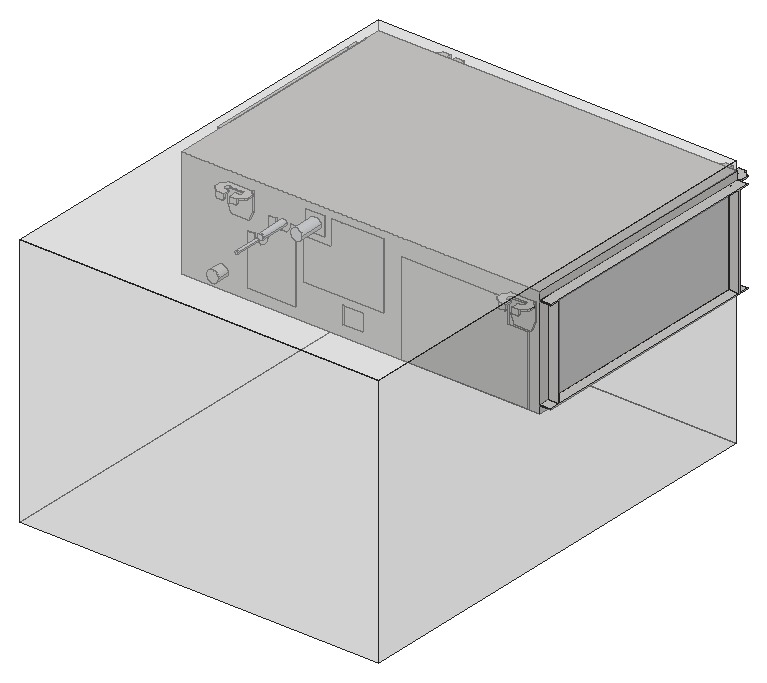
Revit family "outputfile", category 機械設備, Revit 2024
Family settings
  丸型コネクタ寸法 = 半径を使用
  パーツ タイプ = 標準
  OmniClass 番号 = 23.75.10.24.21.27.27
  OmniClass タイトル = Split System Air Conditioning Units
  作業面ベース = いいえ
  常に垂直 = はい
  ロード時にボイドで切り取り = いいえ
  注釈の向きを維持 = いいえ
  共有 = いいえ
  部屋計算ポイント = はい
Parameters (values of type "FXSQ25PAVE9")
  Description = ""
  製造元 = "Daikin"
  書き出し IFC クラス(タイプ) = "IfcUnitaryEquipmentType"
  定義済み IFC タイプ(タイプ) = "AIRCONDITIONINGUNIT"
  Cost = 0
  モデル = "FXSQ25PAVE9"
  Type Comments = ""
  Keynote = ""
  Type Image = (empty or 0)
  Assembly Code = ""
  r_Liquid Pipe Size = Liquid Pipe Size / 2  # 3.2 mm
  r_Gas Pipe Size = Gas Pipe Size / 2  # 6.35 mm
  r_Drain Pipe Size = Drain Pipe Size / 2  # 12.5 mm
  lw_power = 770.0 mm  # constant formula
  lh_SA = 138.0 mm  # constant formula
  lw_SA = if(Depth = 550.0 mm, 225.0 mm, if(Depth = 700.0 mm, 300.0 mm, if(Depth = 1000.0 mm, 450.0 mm, if(Depth = 1400.0 mm, 650.0 mm, 725.0 mm))))  # 225.0 mm
  lw_RA = if(Depth = 550.0 mm, 275.0 mm, if(Depth = 700.0 mm, 349.0 mm, if(Depth = 1000.0 mm, 499.0 mm, if(Depth = 1400.0 mm, 699.0 mm, 775.0 mm))))  # 275.0 mm
  lh_power = 60.0 mm + [h***]  # 60.0 mm
  lh_mountinghole1 = lh_mountinghole + [h***]  # 222.0 mm
  lh_RA = 123.0 mm  # constant formula
  ld_power = Depth / 2  # 275.0 mm
  Voltage_comment_60Hz = "220"
  Voltage_comment_50Hz = "220-240"
  Voltage_60Hz = 220 V
  Voltage_50Hz = 220 V
  URL = ""
  Supply Air Direction [instance] = yes
  Sound Power Level_H speed (dB) = 61
  Phase_60Hz = 1
  Phase_50Hz = 1
  Minimum External Static Pressure = 30.00 Pa
  Minimum Circuit Amps_60Hz = 0.8 A
  Minimum Circuit Amps_50Hz = 0.8 A
  Maximum Fuse Amps_60Hz = 16.0 A
  Maximum Fuse Amps_50Hz = 16.0 A
  Maximum External Static Pressure = 150.00 Pa
  Material_Casing = DAIKIN_GalvanizedSteel_Casing_indoorunit
  lw_mountinghole = 630.0 mm  # constant formula
  lh_gaspipe = 183.0 mm + [h***]  # 183.0 mm
  lh_mountinghole = 222.0 mm  # constant formula
  lh_liquidpipe = 136.0 mm + [h***]  # 136.0 mm
  lh_drainpipe = 207.0 mm + [h***]  # 207.0 mm
  lh_antena = Height - lh_mountinghole + 1.0 mm  # 24.0 mm
  ld_drainpipe = Depth / 2 + 53.0 mm  # 328.0 mm
  ld_liquidpipe = Depth / 2 + 69.0 mm  # 344.0 mm
  ld_gaspipe = Depth / 2 + 65.0 mm  # 340.0 mm
  ld_mountinghole = Depth + 38.0 mm  # 588.0 mm
  h*** = 0.0 mm  # constant formula
  lw_liquidpipe = 179.0 mm  # constant formula
  lw_gaspipe = 229.0 mm  # constant formula
  lw_drainpipe = 300.0 mm  # constant formula
  Width = 800.0 mm
  Version = "ver.1.0"
  Unit Type = "Middle Static Pressure Duct Type"
  Unit Mass Weight = 25.00 kg
  Unit Designation [instance] = ""
  Uniclass2015Version = "Products v1.30"
  Uniclass2015Title = "Variable refrigerant flow units"
  Uniclass2015Code = "Pr_70_65_03_94"
  Total Heating Capacity [instance] = 0.000 kW
  Total Cooling Capacity [instance] = 0.000 kW
  Sound Pressure Level_M speed (dBA) = 0
  Sound Pressure Level_L speed (dBA) = 28
  Sound Pressure Level_H speed (dBA) = 33
  Series = "VRV Fan Coil Unit"
  Sensible Cooling Capacity [instance] = 0.000 kW
  SA Duct Size Width = if(Depth = 550.0 mm, 337.0 mm, if(Depth = 700.0 mm, 492.0 mm, if(Depth = 1000.0 mm, 792.0 mm, if(Depth = 1400.0 mm, 1192.0 mm, 1337.0 mm))))  # 337.0 mm
  SA Duct Size Height = 176.0 mm
  Refrigerant Type = "R410A"
  RA Duct Size Width = if(Depth = 550.0 mm, 502.0 mm, if(Depth = 700.0 mm, 654.0 mm, if(Depth = 1000.0 mm, 952.0 mm, if(Depth = 1400.0 mm, 1352.0 mm, 1502.0 mm))))  # 502.0 mm
  RA Duct Size Height = 208.0 mm
  Power Input (Heating) = 0.099 kW
  Power Input (Cooling) = 0.104 kW
  Option Accessory 3 [instance] = ""
  Option Accessory 2 [instance] = ""
  Option Accessory 1 [instance] = ""
  Nominal Heating Capacity = 3.200 kW
  Nominal Cooling Capacity = 2.800 kW
  Minimum Airflow = 390.00 m³/h
  Median Airflow = 450.00 m³/h
  Maximum Airflow = 540.00 m³/h
  Load Classification = HVAC
  Liquid Pipe Size = 6.4 mm
  Link_Nested Family [instance] = ""
  IfcVersion = "0"
  IfcExportType = "AIRCONDITIONINGUNIT"
  IfcExportAs = "IfcUnitaryEquipmentType"
  Height = 245.0 mm
  Heating Entering Wet Bulb Temperature [instance] = 0.00 °C
  Heating Entering Dry Bulb Temperature [instance] = 0.00 °C
  Heating Ambient Wet Bulb Temperature [instance] = 0.00 °C
  Heating Ambient Dry Bulb Temperature [instance] = 0.00 °C
  Heat Exchanger Type = "Cross Fin Coil"
  Gas Pipe Size = 12.7 mm
  Frequency_60Hz = 60 Hz
  Frequency_50Hz = 50 Hz
  Fan Type = "Sirocco Fan"
  Fan Drive = "Direct Drive"
  FCU Tag No. [instance] = ""
  Drain Pipe Size = 25.0 mm
  Design Supply Airflow [instance] = 0.00 m³/h
  Design Return Airflow [instance] = 0.00 m³/h
  Design External Static Pressure [instance] = 0.00 Pa
  Depth = 550.0 mm
  既定の高さ = 0.0 mm
  Cooling Entering Wet Bulb Temperature [instance] = 0.00 °C
  Cooling Entering Dry Bulb Temperature [instance] = 0.00 °C
  Cooling Ambient Wet Bulb Temperature [instance] = 0.00 °C
  Cooling Ambient Dry Bulb Temperature [instance] = 0.00 °C
  Clearance visibility [instance] = yes
  Clearance Top = 20.0 mm
  Clearance Right = 0.0 mm
  Clearance Rear = 0.0 mm
  Clearance Left = 0.0 mm
  Clearance Front = 450.0 mm
  Clearance Bottom = 300.0 mm
Reference planes
  plane 1 "Center (Front/Back)": y = 0
  plane 2 "h": z = 0
  plane 3 "Center (Left/Right)": x = 0
  plane 4 "Back": y = 275
  plane 5 "Front": y = -275
  plane 6 "Left": x = -400
  plane 7 "Reight": x = 400
  plane 8 "Top": z = 0
  plane 9 "Bottom": z = -245
  plane 10: y = -215
  plane 11: y = 275
  plane 12: y = -725
  plane 13: x = -400
  plane 14: x = 400
  plane 15: z = 20
  plane 16: z = -545
  plane 17: x = -400
  plane 18: x = -399
  plane 19: x = 399
  plane 20: y = 50
  plane 21: y = 0
  plane 22: z = -122
  plane 23: y = -276
  plane 24: z = -109
  plane 25: x = -221
  plane 26: y = -340
  plane 27: z = -62
  plane 28: x = -171
  plane 29: y = -328
  plane 30: z = -38
  plane 31: x = -100
  plane 32: x = -100
  plane 33: x = -221
  plane 34: x = -171
  plane 35: x = 370
  plane 36: x = -266
  plane 37: x = 364
  plane 38: y = -294
  plane 39: y = 294
  plane 40: z = -23
  plane 41: z = -107
  plane 42: y = -344
  plane 43: z = -207
  plane 44: x = -309
  plane 45: y = -301
  plane 46: x = -251
  plane 47: x = -203
  plane 48: x = -144
  plane 49: z = -59
  plane 50: z = -106
  plane 51: z = -221
  plane 52: z = -109
  plane 53: x = -221
  plane 54: z = -62
  plane 55: x = -171
  plane 56: z = -17
  plane 57: z = -59
  plane 58: x = -121
  plane 59: x = -79
  plane 60: x = -125
  plane 61: x = -64
  plane 62: x = 53
  plane 63: z = -164
  plane 64: z = -73
  plane 65: z = -16
  plane 66: x = 93.5
  plane 67: x = 374.5
  plane 68: x = 330
  plane 69: z = -88.5
  plane 70: z = -38
  plane 71: z = -242.5
  plane 72: x = -38.5
  plane 73: x = 6.5
  plane 74: z = -181
  plane 75: z = -221
  plane 76: y = -274
  plane 77: x = -424
  plane 78: x = 424
Forms (mm)
  Extrusion 1, solid, material "DAIKIN_GalvanizedSteel_Casing_indoorunit" <- "Material_Casing"
    sketch origin (0, 0, 0) x (1, 0, 0) y (0, 1, 0)
      loop
        line (-399, 275) -> (-399, -275) -> (399, -275) -> (399, 275) -> (-399, 275)
    from -245 to 0
  Extrusion 2, solid, material "DAIKIN_GalvanizedSteel_Casing_indoorunit" <- "Material_Casing"
    sketch origin (0, 0, 0) x (1, 0, 0) y (0, 0, 1)
      loop
        line (-251, -221) -> (-144, -221) -> (-144, -59) -> (-154.47, -59)
        arc (-154.47, -59) -> (-171, -78.8) -> (-187.53, -59) r 16.8
        line (-187.53, -59) -> (-203, -59) -> (-203, -106) -> (-206.916, -106)
        arc (-206.916, -106) -> (-221, -123.4) -> (-235.084, -106) r 14.4
        line (-235.084, -106) -> (-251, -106) -> (-251, -221)
    from 275 to 276
  Extrusion 3, solid, material "DAIKIN_GalvanizedSteel_Casing_indoorunit" <- "Material_Casing"
    sketch origin (0, 0, 0) x (1, 0, 0) y (0, 0, 1)
      loop
        line (-121, -17) -> (-121, -59) -> (-79, -59) -> (-79, -17) -> (-121, -17)
      loop
        line (-125, -73) -> (-125, -164) -> (53, -164) -> (53, -16) -> (-64, -16) -> (-64, -73) -> (-125, -73)
    from 275 to 276
  Extrusion 4, solid, material "DAIKIN_GalvanizedSteel_Casing_indoorunit" <- "Material_Casing"
    sketch origin (0, 0, 0) x (1, 0, 0) y (0, 0, 1)
      loop
        line (93.5, -38) -> (93.5, -242.5) -> (374.5, -242.5) -> (374.5, -88.5) -> (330, -88.5) -> (330, -38) -> (93.5, -38)
    from 275 to 276
  Extrusion 5, solid
    sketch origin (0, 0, 0) x (1, 0, 0) y (0, 0, 1)
      loop
        circle (-221, -109) r 3.2
    from 275 to 344
  Extrusion 6, solid
    sketch origin (0, 0, 0) x (1, 0, 0) y (0, 0, 1)
      loop
        circle (-171, -62) r 6.35
    from 275 to 340
  Extrusion 7, solid
    sketch origin (0, 0, 0) x (1, 0, 0) y (0, 0, 1)
      loop
        circle (-100, -38) r 12.5
    from 276 to 328
  Extrusion 8, solid, material "DAIKIN_GalvanizedSteel_Casing_indoorunit" <- "Material_Casing"
    sketch origin (0, 0, 0) x (1, 0, 0) y (0, 0, 1)
      loop
        circle (-309, -207) r 13
    from 275 to 301
  Extrusion 9, void
    sketch origin (0, 0, 0) x (1, 0, 0) y (0, 0, 1)
      loop
        line (-38.5, -181) -> (-38.5, -221) -> (6.5, -221) -> (6.5, -181) -> (-38.5, -181)
    from 274 to 275
Cuts and joins
  Extrusion 9 cuts Extrusion 1
Dimensions and locks
  "Height": plane 8 "Top" to plane 9 "Bottom"
  equal spacing: plane 4 "Back", plane 1 "Center (Front/Back)", plane 5 "Front"
  "Depth": plane 4 "Back" to plane 5 "Front"
  equal spacing: plane 6 "Left", plane 3 "Center (Left/Right)", plane 7 "Reight"
  "Width": plane 6 "Left" to plane 7 "Reight"
  "Clearance Left": plane 13 to plane 6 "Left"
  "Clearance Right": plane 7 "Reight" to plane 14
  "Clearance Rear": plane 11 to plane 4 "Back"
  "Clearance Front": plane 5 "Front" to plane 12
  "Clearance Top": plane 15 to plane 8 "Top"
  "Clearance Bottom": plane 9 "Bottom" to plane 16
  locked: plane 17 to plane 18 at 1
  locked: plane 19 to plane 14 at 1
  "lw_SA": plane 11 to plane 20
  "lw_RA": plane 21 to plane 5 "Front"
  "lh_RA": plane 22 to plane 9 "Bottom"
  locked: plane 5 "Front" to plane 23 at 1
  "lw_liquidpipe": plane 25 to plane 6 "Left"
  "lh_liquidpipe": plane 24 to plane 9 "Bottom"
  "lh_gaspipe": plane 27 to plane 9 "Bottom"
  "lw_gaspipe": plane 28 to plane 6 "Left"
  "ld_gaspipe": plane 26 to plane 1 "Center (Front/Back)"
  "ld_drainpipe": plane 29 to plane 1 "Center (Front/Back)"
  "lh_drainpipe": plane 30 to plane 9 "Bottom"
  "lw_drainpipe": plane 31 to plane 6 "Left"
  "lw_drainpipe": plane 6 "Left" to plane 32
  "lw_liquidpipe": plane 6 "Left" to plane 33
  "lw_gaspipe": plane 6 "Left" to plane 34
  "lw_power": plane 6 "Left" to plane 35
  locked: plane 17 to plane 36 at 134
  "lw_mountinghole": plane 36 to plane 37
  equal spacing: plane 38, plane 1 "Center (Front/Back)", plane 39
  "ld_mountinghole": plane 39 to plane 38
  "lh_mountinghole": plane 40 to plane 9 "Bottom"
  "lh_SA": plane 41 to plane 9 "Bottom"
  "ld_liquidpipe": plane 21 to plane 42
  locked: plane 44 to plane 6 "Left" at 91
  locked: plane 43 to plane 9 "Bottom" at 38
  locked: plane 5 "Front" to plane 45 at 26
  plane 48 to plane 47 to plane 46 to plane 6 "Left" = 59.0 mm, 48.0 mm, 149.0 mm
  plane 8 "Top" to plane 49 to plane 50 to plane 51 = 59.0 mm locked, 47.0 mm locked, 115.0 mm locked
  plane 55 to plane 53 to plane 6 "Left" = 50.0 mm locked, 179.0 mm locked
  plane 54 to plane 52 to plane 9 "Bottom" = 47.0 mm locked, 136.0 mm locked
  plane 59 to plane 58 to plane 6 "Left" = 42.0 mm locked, 279.0 mm locked
  plane 8 "Top" to plane 56 to plane 57 = 17.0 mm locked, 42.0 mm locked
  plane 62 to plane 61 to plane 60 to plane 6 "Left" = 117.0 mm, 61.0 mm, 275.0 mm
  plane 8 "Top" to plane 65 to plane 64 = 16.0 mm locked, 57.0 mm locked
  locked: plane 65 to plane 63 at 148
  plane 8 "Top" to plane 70 to plane 69 to plane 71 = 38.0 mm locked, 50.5 mm locked, 154.0 mm locked
  plane 67 to plane 68 to plane 66 to plane 6 "Left" = 44.5 mm locked, 236.5 mm locked, 493.5 mm locked
  plane 8 "Top" to plane 74 to plane 75 = 181.0 mm locked, 40.0 mm locked
  plane 73 to plane 72 to plane 6 "Left" = 45.0 mm, 361.5 mm
  locked: plane 76 to plane 5 "Front" at 1
  locked: plane 77 to plane 17 at 24
  locked: plane 14 to plane 78 at 24
  "r_Liquid Pipe Size": radius of Extrusion 5 sketch curve
  "r_Gas Pipe Size": radius of Extrusion 6 sketch curve
  "r_Drain Pipe Size": radius of Extrusion 7 sketch curve
  aligned and locked: level to plane 2 "h"
  aligned and locked: plane 8 "Top" to Extrusion 1
  aligned and locked: Extrusion 1 to plane 9 "Bottom"
  aligned and locked: nested 5 to plane 12
  aligned and locked: plane 13 to nested 5
  aligned and locked: plane 14 to nested 5
  aligned and locked: nested 5 to plane 13
  aligned and locked: plane 11 to nested 5
  aligned and locked: plane 15 to nested 5
  aligned and locked: plane 16 to nested 5
  aligned and locked: plane 5 "Front" to Extrusion 1 sketch curve
  aligned and locked: Extrusion 1 to plane 18
  aligned and locked: plane 19 to Extrusion 1
  aligned and locked: nested 7 to plane 18
  aligned and locked: nested 7 to plane 20
  aligned and locked: plane 19 to nested 8
  aligned and locked: plane 21 to nested 8
  aligned and locked: plane 22 to nested 8
  aligned and locked: Extrusion 2 to plane 23
  aligned and locked: plane 5 "Front" to Extrusion 2
  aligned and locked: Extrusion 3 to plane 23
  aligned and locked: plane 5 "Front" to Extrusion 3
  aligned and locked: plane 5 "Front" to Extrusion 4
  aligned and locked: Extrusion 5 sketch curve to plane 25
  aligned and locked: plane 24 to Extrusion 5 sketch curve
  aligned and locked: plane 5 "Front" to Extrusion 5
  aligned and locked: Extrusion 6 sketch curve to plane 28
  aligned and locked: plane 27 to Extrusion 6 sketch curve
  aligned and locked: plane 5 "Front" to Extrusion 6
  aligned and locked: Extrusion 7 sketch curve to plane 31
  aligned and locked: Extrusion 7 sketch curve to plane 30
  aligned and locked: Extrusion 7 to plane 29
  aligned and locked: plane 23 to Extrusion 7
  aligned and locked: nested 3 to plane 29
  aligned and locked: plane 32 to nested 3
  aligned and locked: nested 2 to plane 33
  aligned and locked: nested 1 to plane 34
  aligned and locked: Extrusion 6 to plane 26
  aligned and locked: nested 1 to plane 26
  aligned and locked: nested 6 to plane 5 "Front"
  aligned and locked: plane 35 to nested 6
  aligned and locked: plane 36 to nested 10
  aligned and locked: nested 10 to plane 5 "Front"
  aligned and locked: plane 37 to nested 9
  aligned and locked: nested 9 to plane 5 "Front"
  aligned and locked: nested 11 to plane 36
  aligned and locked: plane 4 "Back" to nested 11
  aligned and locked: nested 12 to plane 37
  aligned and locked: plane 4 "Back" to nested 12
  aligned and locked: plane 40 to nested 10
  aligned and locked: plane 40 to nested 11
  aligned and locked: plane 40 to nested 9
  aligned and locked: plane 40 to nested 12
  aligned and locked: plane 36 to nested 14
  aligned and locked: nested 14 to plane 39
  aligned and locked: plane 37 to nested 13
  aligned and locked: nested 13 to plane 39
  aligned and locked: plane 37 to nested 16
  aligned and locked: plane 38 to nested 16
  aligned and locked: plane 38 to nested 15
  aligned and locked: plane 36 to nested 15
  aligned and locked: plane 17 to plane 6 "Left"
  aligned and locked: plane 41 to nested 7
  aligned and locked: Extrusion 5 to plane 42
  aligned and locked: nested 2 to plane 42
  aligned and locked: Extrusion 8 sketch curve to plane 44
  aligned and locked: plane 43 to Extrusion 8 sketch curve
  aligned and locked: plane 5 "Front" to Extrusion 8
  aligned and locked: plane 45 to Extrusion 8
  aligned and locked: Extrusion 3 sketch curve to plane 56
  aligned and locked: Extrusion 3 sketch curve to plane 58
  aligned and locked: plane 57 to Extrusion 3 sketch curve
  aligned and locked: plane 59 to Extrusion 3 sketch curve
  aligned and locked: Extrusion 4 to plane 23
  aligned and locked: Extrusion 9 sketch curve to plane 74
  aligned and locked: plane 75 to Extrusion 9 sketch curve
  aligned and locked: plane 73 to Extrusion 9 sketch curve
  aligned and locked: plane 5 "Front" to Extrusion 9
  aligned and locked: plane 76 to Extrusion 9
  aligned and locked: nested 17 to plane 20
  aligned and locked: nested 17 to plane 77
  aligned and locked: plane 21 to nested 18
  aligned and locked: plane 78 to nested 18
  aligned and locked: plane 41 to nested 17
  aligned and locked: nested 18 to plane 22
  aligned and locked: nested 4 to plane 3 "Center (Left/Right)"
  aligned and locked: plane 1 "Center (Front/Back)" to nested 4
  aligned and locked: plane 8 "Top" to level
Automatic sketch dimensions
  plane 6 "Left" to Extrusion 1 sketch curve = 1.0 mm
  Extrusion 1 sketch curve to plane 7 "Reight" = 1.0 mm
  Extrusion 1 sketch curve to plane 4 "Back" = 0.0 mm
  Extrusion 2 sketch curve to plane 46 = 0.0 mm
  Extrusion 2 sketch curve to plane 33 = 0.0 mm
  Extrusion 2 sketch curve to plane 47 = 0.0 mm
  Extrusion 2 sketch curve to plane 34 = 0.0 mm
  Extrusion 2 sketch curve to plane 48 = 0.0 mm
  Extrusion 2 sketch curve to plane 51 = 0.0 mm
  Extrusion 2 sketch curve to plane 52 = 0.0 mm
  Extrusion 2 sketch curve to plane 50 = 0.0 mm  (x3)
  Extrusion 2 sketch curve to plane 54 = 0.0 mm
  Extrusion 2 sketch curve to plane 49 = 0.0 mm  (x3)
  plane 33 to Extrusion 2 sketch curve = 14.084 mm
  plane 34 to Extrusion 2 sketch curve = 16.53 mm
  Extrusion 3 sketch curve to plane 60 = 0.0 mm
  Extrusion 3 sketch curve to plane 61 = 0.0 mm
  Extrusion 3 sketch curve to plane 62 = 0.0 mm
  Extrusion 3 sketch curve to plane 63 = 0.0 mm
  Extrusion 3 sketch curve to plane 64 = 0.0 mm
  Extrusion 3 sketch curve to plane 65 = 0.0 mm
  Extrusion 4 sketch curve to plane 66 = 0.0 mm
  Extrusion 4 sketch curve to plane 68 = 0.0 mm
  Extrusion 4 sketch curve to plane 67 = 0.0 mm
  Extrusion 4 sketch curve to plane 71 = 0.0 mm
  Extrusion 4 sketch curve to plane 69 = 0.0 mm
  Extrusion 4 sketch curve to plane 70 = 0.0 mm
  Extrusion 9 sketch curve to plane 72 = 0.0 mm
  radius of Extrusion 8 sketch curve = 13.0 mm
Nested families
  nested 1: "daikin_connector_rotate2" at (-171, 0, -62), length <- "ld_gaspipe", built-in parameter 1001364 <- "lh_gaspipe", radius <- "r_Gas Pipe Size", type "daikin_connector_rotate2"
    with radius 6.35 mm, length 340.0 mm, angle_vertical 90.00°
  nested 2: "daikin_connector_rotate2" at (-221, 0, -109), length <- "ld_liquidpipe", built-in parameter 1001364 <- "lh_liquidpipe", radius <- "r_Liquid Pipe Size", type "daikin_connector_rotate2"
    with radius 3.2 mm, length 344.0 mm, angle_vertical 90.00°
  nested 3: "daikin_connector_rotate2" at (-100, 0, -38), length <- "ld_drainpipe", built-in parameter 1001364 <- "lh_drainpipe", radius <- "r_Drain Pipe Size", type "daikin_connector_rotate2"
    with radius 12.5 mm, length 328.0 mm, angle_vertical 90.00°
  nested 4: "daikin_△_symbolicline" at (0, 0, 245) x (0, -1, 0) z (0, 0, 1), built-in parameter 1001364 <- "Height", visible <- "Supply Air Direction", type "daikin_△_symbolicline"
    with length 200.0 mm
  nested 5: "daikin_clearancespace" at (0, -225, -262.381), visible <- "Clearance visibility", show <- "Clearance visibility", Link_Nested Family <- "Link_Nested Family", type "daikin_clearancespace"
    with width 800.0 mm, show yes, height 565.0 mm, depth 1000.0 mm, Link_Nested Family ""
  nested 6: "daikin_connector_rotate2" at (370, 0, -185), built-in parameter 1001364 <- "lh_power", length <- "ld_power", type "daikin_connector_rotate2"
    with radius 10.0 mm, length 275.0 mm, angle_vertical 90.00°
  nested 7: "daikin_ductflange_FXSQ-PAVE9_2" at (-399, 50, -107) x (0, -1, 0) z (0, 0, 1), type "daikin_ductflange_FXSQ-PAVE9_2"
  nested 8: "daikin_ductflange_FXSQ-PAVE9_1" at (399, 0, -122) x (0, 1, 0) z (0, 0, 1), type "daikin_ductflange_FXSQ-PAVE9_1"
  nested 9: "daikin_hangerfixture_FXSQ-PAVE9" at (364, -275, -23), type "daikin_hangerfixture_FXSQ-PAVE9"
  nested 10: "daikin_hangerfixture_FXSQ-PAVE9" at (-266, -275, -23), type "daikin_hangerfixture_FXSQ-PAVE9"
  nested 11: "daikin_hangerfixture_FXSQ-PAVE9" at (-266, 275, -23) x (-1, 0, 0) z (0, 0, 1), type "daikin_hangerfixture_FXSQ-PAVE9"
  nested 12: "daikin_hangerfixture_FXSQ-PAVE9" at (364, 275, -23) x (-1, 0, 0) z (0, 0, 1), type "daikin_hangerfixture_FXSQ-PAVE9"
  nested 13: "daikin_mountinghole" at (364, 294, -245), h_mountinghole <- "lh_mountinghole1", l_antenna <- "lh_antena", Link_Nested Family <- "Link_Nested Family", type "daikin_mountinghole"
    with show yes, l_antenna 24.0 mm, h_mountinghole 222.0 mm, Link_Nested Family ""
  nested 14: "daikin_mountinghole" at (-266, 294, -245), h_mountinghole <- "lh_mountinghole1", l_antenna <- "lh_antena", Link_Nested Family <- "Link_Nested Family", type "daikin_mountinghole"
    with show yes, l_antenna 24.0 mm, h_mountinghole 222.0 mm, Link_Nested Family ""
  nested 15: "daikin_mountinghole" at (-266, -294, -245), h_mountinghole <- "lh_mountinghole1", l_antenna <- "lh_antena", Link_Nested Family <- "Link_Nested Family", type "daikin_mountinghole"
    with show yes, l_antenna 24.0 mm, h_mountinghole 222.0 mm, Link_Nested Family ""
  nested 16: "daikin_mountinghole" at (364, -294, -245), h_mountinghole <- "lh_mountinghole1", l_antenna <- "lh_antena", Link_Nested Family <- "Link_Nested Family", type "daikin_mountinghole"
    with show yes, l_antenna 24.0 mm, h_mountinghole 222.0 mm, Link_Nested Family ""
  nested 17: "daikin_connector_rotate2" at (-400, 50, -107) x (0, -1, 0) z (0, 0, 1), type "daikin_connector_rotate2"
    with radius 10.0 mm, length 24.0 mm, angle_vertical 90.00°
  nested 18: "daikin_connector_rotate2" at (400, 0, -122) x (0, 1, 0) z (0, 0, 1), type "daikin_connector_rotate2"
    with radius 10.0 mm, length 24.0 mm, angle_vertical 90.00°
Connectors
  piping at (-100, -328, -38), diameter 25, driven by "r_Drain Pipe Size"
    settings: on nested 3, index 3, connector inside diameter 609.6 mm, connector length 0.0 mm, flow factor 0, pipe flow 0.00 m³/h, pressure drop 0.0 Pa, fitting loss kfactor 0, connector angle 0.00°, fixture units 0, engagement length 0.0 mm, angle of deflection 0.00°, flow configuration 1, flow direction 2, fitting loss method 4, system type 16, joint type 0, gender type 0, connector reference index -1, connector utility 0, adjustable connector no, is connector primary yes, connector description "Condensate Drain Piping"
  piping at (-171, -340, -62), diameter 12.7, driven by "r_Gas Pipe Size"
    settings: on nested 1, index 4, connector inside diameter 609.6 mm, connector length 0.0 mm, flow factor 0, pipe flow 0.00 m³/h, pressure drop 0.0 Pa, fitting loss kfactor 0, connector angle 0.00°, fixture units 0, engagement length 0.0 mm, angle of deflection 0.00°, flow configuration 1, flow direction 2, fitting loss method 0, system type 29, joint type 0, gender type 0, connector reference index -1, connector utility 0, adjustable connector no, is connector primary no, connector description "Refrigerant Gas Piping"
  piping at (-221, -344, -109), diameter 6.4, driven by "r_Liquid Pipe Size"
    settings: on nested 2, index 5, connector inside diameter 609.6 mm, connector length 0.0 mm, flow factor 0, pipe flow 0.00 m³/h, pressure drop 0.0 Pa, fitting loss kfactor 0, connector angle 0.00°, fixture units 0, engagement length 0.0 mm, angle of deflection 0.00°, flow configuration 1, flow direction 1, fitting loss method 0, system type 29, joint type 0, gender type 0, connector reference index -1, connector utility 0, adjustable connector no, is connector primary no, connector description "Refrigerant Liquid Piping"
  electrical at (370, -275, -185), driven by "Load Classification"
    settings: on nested 6, index 6, voltage 0 V, apparent load 0 VA, apparent load phase1 0 VA, apparent load phase2 0 VA, apparent load phase3 0 VA, power factor 1, load classification "HVAC", number of poles 1, system type 30, power factor state 1, is connector primary yes, connector utility no, sub classification motor no, connector description "Power Supply"
  hvac at (-424, 50, -107), driven by "SA Duct Size Height", driven by "SA Duct Size Width"
    settings: on nested 17, index 7, duct flow 0.00 m³/h, flow factor 0, pres drop 0.00 Pa, loss coef 0, conn angle 0.00°, conn width 337.0 mm, conn height 176.0 mm, conn diameter 609.6 mm, duct sys type 1, conn prof type 1, flow config 0, flow direction 2, loss method 4, conn ref index -1, conn util no, is conn primary yes, conn desc "SA Duct"
  hvac at (424, 0, -122), driven by "RA Duct Size Height", driven by "RA Duct Size Width"
    settings: on nested 18, index 8, duct flow 0.00 m³/h, flow factor 0, pres drop 0.00 Pa, loss coef 0, conn angle 0.00°, conn width 502.0 mm, conn height 208.0 mm, conn diameter 609.6 mm, duct sys type 2, conn prof type 1, flow config 0, flow direction 1, loss method 4, conn ref index -1, conn util no, is conn primary no, conn desc "RA Duct"
Definition of nested family "daikin_clearancespace"
  Parameters (values of type "daikin_clearancespace")
    width [instance] = 1823.963 mm
    show [instance] = yes
    material = none
    height [instance] = 1359.762 mm
    depth [instance] = 880.0 mm
    Default Elevation = 0.0 mm
    Link_Nested Family [instance] = ""
  Reference planes
    plane 1 "Center (Front/Back)": y = 0
    plane 2 "Center (Elevation)": z = -0.119
    plane 3 "Center (Left/Right)": x = 0
    plane 4: y = 440
    plane 5: y = -440
    plane 6 "Right": x = 911.982
    plane 7 "Left": x = -911.982
    plane 8 "Top": z = 679.762
    plane 9 "Bottom": z = -680
  Forms (mm)
    Extrusion 1, solid, material <- "material", visible <- "show"
      sketch origin (0, 0, 0) x (1, 0, 0) y (0, 1, 0)
        loop
          line (-911.982, 440) -> (-911.982, -440) -> (911.982, -440) -> (911.982, 440) -> (-911.982, 440)
      from -680 to 679.762
  Lines and regions (mm)
    symbolic lines, visible <- "show"
      curve 1: line (911.982, 440, 0) -> (-911.982, 440, 0)
      curve 2: line (-911.982, 440, 0) -> (-911.982, -440, 0)
      curve 3: line (-911.982, -440, 0) -> (911.982, -440, 0)
      curve 4: line (911.982, -440, 0) -> (911.982, 440, 0)
      curve 5: line (911.982, 0, 679.762) -> (-911.982, 0, 679.762)
      curve 6: line (911.982, 0, -680) -> (911.982, 0, 679.762)
      curve 7: line (-911.982, 0, -680) -> (911.982, 0, -680)
      curve 8: line (-911.982, 0, 679.762) -> (-911.982, 0, -680)
      curve 9: line (0, 440, 679.762) -> (0, -440, 679.762)
      curve 10: line (0, -440, 679.762) -> (0, -440, -680)
      curve 11: line (0, 440, -680) -> (0, 440, 679.762)
      curve 12: line (0, -440, -680) -> (0, 440, -680)
  Dimensions and locks
    "width": plane 7 "Left" to plane 6 "Right"
    "depth": plane 4 to plane 5
    "height": plane 8 "Top" to plane 9 "Bottom"
    equal spacing: plane 7 "Left", plane 3 "Center (Left/Right)", plane 6 "Right"
    equal spacing: plane 4, plane 1 "Center (Front/Back)", plane 5
    equal spacing: plane 8 "Top", plane 2 "Center (Elevation)", plane 9 "Bottom"
    aligned and locked: level to plane 2 "Center (Elevation)"
    aligned and locked: Extrusion 1 sketch curve to plane 4
    aligned and locked: plane 7 "Left" to Extrusion 1 sketch curve
    aligned and locked: Extrusion 1 sketch curve to plane 5
    aligned and locked: Extrusion 1 sketch curve to plane 6 "Right"
    aligned and locked: plane 8 "Top" to Extrusion 1
    aligned and locked: curve 1 to Extrusion 1
    aligned and locked: curve 2 to Extrusion 1
    aligned and locked: curve 3 to Extrusion 1
    aligned and locked: curve 4 to Extrusion 1
    aligned and locked: curve 5 to Extrusion 1
    aligned and locked: curve 6 to Extrusion 1
    aligned and locked: curve 7 to Extrusion 1
    aligned and locked: curve 8 to Extrusion 1
    aligned and locked: curve 9 to Extrusion 1
    aligned and locked: curve 10 to Extrusion 1
    aligned and locked: curve 11 to Extrusion 1
    aligned and locked: curve 12 to Extrusion 1
    aligned and locked: Extrusion 1 to plane 9 "Bottom"
Definition of nested family "daikin_ductflange_FXSQ-PAVE9_2"
  Parameters (values of type "daikin_ductflange_FXMQ-PAVE2")
    width = if(w = 550.0 mm, 337.0 mm, if(w = 700.0 mm, 492.0 mm, if(w = 1000.0 mm, 792.0 mm, if(w = 1400.0 mm, 1192.0 mm, 1337.0 mm))))  # 337.0 mm
    material = none
    height = 215.0 mm
    depth = 1.0 mm
    w = 550.0 mm
    Default Elevation = 0.0 mm
  Reference planes
    plane 1 "Center (Front/Back)": y = 0
    plane 2: z = 0
    plane 3 "Center (Left/Right)": x = 0
    plane 4: z = 88
    plane 5: z = -88
    plane 6: y = -25
    plane 7: z = 106
    plane 8: z = 89
    plane 9: y = -1
    plane 10: x = -192.5
    plane 11: x = 192.5
    plane 12: z = -106
    plane 13: z = -89
    plane 14: y = -1
    plane 15: x = 168.5
    plane 16: x = -168.5
    plane 17: x = 169.5
    plane 18: z = 87
    plane 19: z = -87
    plane 20: x = -169.5
    plane 21: z = 87
    plane 22: z = -87
    plane 23: y = -1
  Forms (mm)
    Extrusion 1, solid, material <- "material"
      sketch origin (0, 0, 0) x (0, 1, 0) y (0, 0, 1)
        loop
          line (-25, 88) -> (0, 88) -> (0, 106) -> (-1, 106) -> (-1, 89) -> (-25, 89) -> (-25, 88)
      from -192.5 to 192.5
    Extrusion 2, solid, material <- "material"
      sketch origin (0, 0, 0) x (0, 1, 0) y (0, 0, 1)
        loop
          line (-25, -88) -> (-25, -89) -> (-1, -89) -> (-1, -106) -> (0, -106) -> (0, -88) -> (-25, -88)
      from -192.5 to 192.5
    Extrusion 3, solid, material <- "material"
      sketch origin (0, 0, 0) x (1, 0, 0) y (0, 0, 1)
        loop
          line (168.5, 88) -> (168.5, -88) -> (192.5, -88) -> (192.5, -87) -> (169.5, -87) -> (169.5, 87) -> (192.5, 87) -> (192.5, 88) -> (168.5, 88)
      from 0 to 25
    Extrusion 4, solid, material <- "material"
      sketch origin (0, 0, 0) x (1, 0, 0) y (0, 0, 1)
        loop
          line (-192.5, 88) -> (-192.5, 87) -> (-169.5, 87) -> (-169.5, -87) -> (-192.5, -87) -> (-192.5, -88) -> (-168.5, -88) -> (-168.5, 88) -> (-192.5, 88)
      from 0 to 25
    Extrusion 5, solid, material <- "material"
      sketch origin (0, 0, 0) x (1, 0, 0) y (0, 0, 1)
        loop
          line (-192.5, 88) -> (-192.5, -88) -> (-168.5, -88) -> (-168.5, 88) -> (-192.5, 88)
        loop
          line (192.5, 88) -> (168.5, 88) -> (168.5, -88) -> (192.5, -88) -> (192.5, 88)
      from 0 to 1
  Cuts and joins
    joined: Extrusion 1, Extrusion 2, Extrusion 3, Extrusion 4, Extrusion 5
  Dimensions and locks
    plane 4 to level to plane 5 = 88.0 mm, 88.0 mm
    locked: plane 6 to plane 1 "Center (Front/Back)" at 25
    locked: plane 9 to plane 1 "Center (Front/Back)" at 1
    locked: plane 8 to plane 4 at 1
    locked: plane 16 to plane 10 at 24
    locked: plane 17 to plane 15 at 1
    locked: plane 4 to plane 18 at 1
    locked: plane 19 to plane 5 at 1
    "width": plane 15 to plane 16
    plane 4 to plane 5 = 176.0 mm
    locked: plane 16 to plane 20 at 1
    locked: plane 4 to plane 21 at 1
    locked: plane 22 to plane 5 at 1
    locked: plane 23 to plane 1 "Center (Front/Back)" at 1
    plane 4 to level to plane 5 = 88.0 mm locked, 88.0 mm locked
    locked: plane 5 to plane 13 at 1
    locked: plane 5 to plane 12 at 18
    locked: plane 7 to plane 4 at 18
    equal spacing: plane 15, plane 3 "Center (Left/Right)", plane 16
    locked: plane 11 to plane 15 at 24
    plane 11 to plane 10 = 385.0 mm
    aligned and locked: level to plane 2
    aligned and locked: Extrusion 1 to plane 10
    aligned and locked: plane 11 to Extrusion 1
    aligned and locked: plane 5 to Extrusion 2
    aligned and locked: Extrusion 2 to plane 1 "Center (Front/Back)"
    aligned and locked: plane 15 to Extrusion 3 sketch curve
    aligned and locked: Extrusion 3 sketch curve to Extrusion 2  (x2)
    aligned and locked: Extrusion 3 sketch curve to plane 11
    aligned and locked: plane 6 to Extrusion 3
    aligned and locked: Extrusion 2 to plane 10
    aligned and locked: plane 11 to Extrusion 2
    aligned and locked: Extrusion 4 sketch curve to Extrusion 1  (x2)
    aligned and locked: plane 5 to Extrusion 4 sketch curve
    aligned and locked: Extrusion 4 sketch curve to plane 16
    aligned and locked: Extrusion 4 sketch curve to plane 22
    aligned and locked: plane 20 to Extrusion 4 sketch curve
    aligned and locked: plane 21 to Extrusion 4 sketch curve
    aligned and locked: Extrusion 4 to plane 1 "Center (Front/Back)"
    aligned and locked: plane 6 to Extrusion 4
    aligned and locked: Extrusion 5 sketch curve to Extrusion 1  (x4)
    aligned and locked: Extrusion 5 sketch curve to Extrusion 4  (x2)
    aligned and locked: Extrusion 5 sketch curve to Extrusion 3  (x2)
    aligned and locked: Extrusion 5 to plane 1 "Center (Front/Back)"
    aligned and locked: plane 23 to Extrusion 5
  Automatic sketch dimensions
    Extrusion 1 sketch curve to plane 6 = 0.0 mm
    Extrusion 1 sketch curve to plane 7 = 0.0 mm
    Extrusion 1 sketch curve to plane 9 = 0.0 mm
    Extrusion 1 sketch curve to plane 1 "Center (Front/Back)" = 0.0 mm
    Extrusion 1 sketch curve to plane 4 = 0.0 mm
    Extrusion 1 sketch curve to plane 8 = 0.0 mm
    Extrusion 2 sketch curve to plane 6 = 0.0 mm
    plane 12 to Extrusion 2 sketch curve = 0.0 mm
    Extrusion 2 sketch curve to plane 14 = 0.0 mm
    Extrusion 2 sketch curve to plane 1 "Center (Front/Back)" = 0.0 mm
    plane 13 to Extrusion 2 sketch curve = 0.0 mm
    Extrusion 2 sketch curve to plane 5 = 0.0 mm
    Extrusion 3 sketch curve to plane 17 = 0.0 mm
    Extrusion 3 sketch curve to plane 19 = 0.0 mm
    Extrusion 3 sketch curve to plane 18 = 0.0 mm
    Extrusion 3 sketch curve to plane 4 = 0.0 mm
    Extrusion 4 sketch curve to plane 10 = 0.0 mm
Definition of nested family "daikin_ductflange_FXSQ-PAVE9_1"
  Parameters (values of type "daikin_ductflange_FXMQ-PAVE")
    width = if(w = 550.0 mm, 502.0 mm, if(w = 700.0 mm, 654.0 mm, if(w = 1000.0 mm, 952.0 mm, if(w = 1400.0 mm, 1352.0 mm, 1502.0 mm))))  # 502.0 mm
    material = none
    height = 208.0 mm
    depth = 1.0 mm
    w = 550.0 mm
    Default Elevation = 0.0 mm
  Reference planes
    plane 1 "Center (Front/Back)": y = 0
    plane 2: z = 0
    plane 3 "Center (Left/Right)": x = 0
    plane 4: z = 104
    plane 5: z = -104
    plane 6: y = -25
    plane 7: z = 121
    plane 8: z = 105
    plane 9: y = -1
    plane 10: x = -275
    plane 11: x = 275
    plane 12: z = -122
    plane 13: z = -105
    plane 14: y = -1
    plane 15: x = 251
    plane 16: x = -251
    plane 17: x = 252
    plane 18: z = 103
    plane 19: z = -103
    plane 20: x = -252
    plane 21: z = 103
    plane 22: z = -103
    plane 23: y = -1
  Forms (mm)
    Extrusion 1, solid, material <- "material"
      sketch origin (0, 0, 0) x (0, 1, 0) y (0, 0, 1)
        loop
          line (-25, 104) -> (0, 104) -> (0, 121) -> (-1, 121) -> (-1, 105) -> (-25, 105) -> (-25, 104)
      from -275 to 275
    Extrusion 2, solid, material <- "material"
      sketch origin (0, 0, 0) x (0, 1, 0) y (0, 0, 1)
        loop
          line (-25, -104) -> (-25, -105) -> (-1, -105) -> (-1, -122) -> (0, -122) -> (0, -104) -> (-25, -104)
      from -275 to 275
    Extrusion 3, solid, material <- "material"
      sketch origin (0, 0, 0) x (1, 0, 0) y (0, 0, 1)
        loop
          line (251, 104) -> (251, -104) -> (275, -104) -> (275, -103) -> (252, -103) -> (252, 103) -> (275, 103) -> (275, 104) -> (251, 104)
      from 0 to 25
    Extrusion 4, solid, material <- "material"
      sketch origin (0, 0, 0) x (1, 0, 0) y (0, 0, 1)
        loop
          line (-275, 104) -> (-275, 103) -> (-252, 103) -> (-252, -103) -> (-275, -103) -> (-275, -104) -> (-251, -104) -> (-251, 104) -> (-275, 104)
      from 0 to 25
    Extrusion 5, solid, material <- "material"
      sketch origin (0, 0, 0) x (1, 0, 0) y (0, 0, 1)
        loop
          line (-275, 104) -> (-275, -104) -> (-251, -104) -> (-251, 104) -> (-275, 104)
        loop
          line (275, 104) -> (251, 104) -> (251, -104) -> (275, -104) -> (275, 104)
      from 0 to 1
  Cuts and joins
    joined: Extrusion 1, Extrusion 2, Extrusion 3, Extrusion 4, Extrusion 5
  Dimensions and locks
    plane 4 to level to plane 5 = 104.0 mm, 104.0 mm
    locked: plane 6 to plane 1 "Center (Front/Back)" at 25
    locked: plane 9 to plane 1 "Center (Front/Back)" at 1
    locked: plane 8 to plane 4 at 1
    locked: plane 11 to plane 15 at 24
    locked: plane 16 to plane 10 at 24
    locked: plane 17 to plane 15 at 1
    locked: plane 4 to plane 18 at 1
    locked: plane 19 to plane 5 at 1
    "width": plane 15 to plane 16
    equal spacing: plane 15, plane 3 "Center (Left/Right)", plane 16
    locked: plane 16 to plane 20 at 1
    locked: plane 4 to plane 21 at 1
    locked: plane 22 to plane 5 at 1
    locked: plane 23 to plane 1 "Center (Front/Back)" at 1
    locked: plane 7 to plane 4 at 17
    locked: plane 1 "Center (Front/Back)" to plane 14 at 1
    locked: plane 5 to plane 13 at 1
    "height": plane 4 to plane 5
    plane 11 to plane 10 = 550.0 mm
    locked: plane 12 to plane 13 at 17
    equal spacing: plane 4, level, plane 5
    aligned and locked: level to plane 2
    aligned and locked: Extrusion 1 to plane 10
    aligned and locked: plane 11 to Extrusion 1
    aligned and locked: plane 5 to Extrusion 2
    aligned and locked: Extrusion 2 to plane 1 "Center (Front/Back)"
    aligned and locked: plane 15 to Extrusion 3 sketch curve
    aligned and locked: Extrusion 3 sketch curve to Extrusion 2  (x2)
    aligned and locked: Extrusion 3 sketch curve to plane 11
    aligned and locked: plane 6 to Extrusion 3
    aligned and locked: Extrusion 2 to plane 10
    aligned and locked: plane 11 to Extrusion 2
    aligned and locked: Extrusion 4 sketch curve to Extrusion 1  (x2)
    aligned and locked: plane 5 to Extrusion 4 sketch curve
    aligned and locked: Extrusion 4 sketch curve to plane 16
    aligned and locked: Extrusion 4 sketch curve to plane 22
    aligned and locked: plane 20 to Extrusion 4 sketch curve
    aligned and locked: plane 21 to Extrusion 4 sketch curve
    aligned and locked: Extrusion 4 to plane 1 "Center (Front/Back)"
    aligned and locked: plane 6 to Extrusion 4
    aligned and locked: Extrusion 5 sketch curve to Extrusion 1  (x4)
    aligned and locked: Extrusion 5 sketch curve to Extrusion 4  (x2)
    aligned and locked: Extrusion 5 sketch curve to Extrusion 3  (x2)
    aligned and locked: Extrusion 5 to plane 1 "Center (Front/Back)"
    aligned and locked: plane 23 to Extrusion 5
  Automatic sketch dimensions
    Extrusion 1 sketch curve to plane 6 = 0.0 mm
    Extrusion 1 sketch curve to plane 7 = 0.0 mm
    Extrusion 1 sketch curve to plane 9 = 0.0 mm
    Extrusion 1 sketch curve to plane 1 "Center (Front/Back)" = 0.0 mm
    Extrusion 1 sketch curve to plane 4 = 0.0 mm
    Extrusion 1 sketch curve to plane 8 = 0.0 mm
    Extrusion 2 sketch curve to plane 6 = 0.0 mm
    plane 12 to Extrusion 2 sketch curve = 0.0 mm
    Extrusion 2 sketch curve to plane 14 = 0.0 mm
    Extrusion 2 sketch curve to plane 1 "Center (Front/Back)" = 0.0 mm
    plane 13 to Extrusion 2 sketch curve = 0.0 mm
    Extrusion 2 sketch curve to plane 5 = 0.0 mm
    Extrusion 3 sketch curve to plane 17 = 0.0 mm
    Extrusion 3 sketch curve to plane 19 = 0.0 mm
    Extrusion 3 sketch curve to plane 18 = 0.0 mm
    Extrusion 3 sketch curve to plane 4 = 0.0 mm
    Extrusion 4 sketch curve to plane 10 = 0.0 mm
Definition of nested family "daikin_hangerfixture_FXSQ-PAVE9"
  Parameters (values of type "daikin_hangerfixture_FXMQ-PAVE")
    width = 72.0 mm
    material = none
    height = 60.0 mm
    depth = 41.0 mm
    Default Elevation = 0.0 mm
  Reference planes
    plane 1 "Center (Front/Back)": y = 0
    plane 2: z = 0
    plane 3 "Center (Left/Right)": x = 0
    plane 4: y = 417.146
    plane 5: y = -41
    plane 6: x = -36
    plane 7: x = 36
    plane 8: z = -2.3
    plane 9: z = -60
    plane 10: y = -2.3
    plane 11: z = -12
    plane 12: y = -38.7
  Forms (mm)
    Extrusion 1, solid, material <- "material"
      sketch origin (0, 0, 0) x (1, 0, 0) y (0, 1, 0)
        loop
          line (-28, 0) -> (-28, -5)
          arc (-28, -5) -> (-29.127, -8.162) -> (-32, -9.899) r 5
          arc (-32, -9.899) -> (-34.873, -11.636) -> (-36, -14.798) r 5
          line (-36, -14.798) -> (-36, -27.178)
          arc (-36, -27.178) -> (-35.429, -29.499) -> (-33.846, -31.289) r 5
          line (-33.846, -31.289) -> (-23, -38.798) -> (-23, -41.098) -> (-6.5, -41.098) -> (-6.5, -28.498)
          arc (-6.5, -28.498) -> (-7.379, -26.377) -> (-9.5, -25.498) r 3
          line (-9.5, -25.498) -> (-13.5, -25.498)
          arc (-13.5, -25.498) -> (-20, -18.998) -> (-13.5, -12.498) r 6.5
          line (-13.5, -12.498) -> (13.5, -12.498)
          arc (13.5, -12.498) -> (20, -18.998) -> (13.5, -25.498) r 6.5
          line (13.5, -25.498) -> (9.5, -25.498)
          arc (9.5, -25.498) -> (7.379, -26.377) -> (6.5, -28.498) r 3
          line (6.5, -28.498) -> (6.5, -41.098) -> (23, -41.098) -> (23, -38.798) -> (33.846, -31.289)
          arc (33.846, -31.289) -> (35.429, -29.499) -> (36, -27.178) r 5
          line (36, -27.178) -> (36, -14.596)
          arc (36, -14.596) -> (34.873, -11.434) -> (32, -9.697) r 5
          arc (32, -9.697) -> (29.127, -7.96) -> (28, -4.798) r 5
          line (28, -4.798) -> (28, 0) -> (-28, 0)
      from 0 to -2.3
    Extrusion 2, solid, material <- "material"
      sketch origin (0, 0, 0) x (1, 0, 0) y (0, 0, 1)
        loop
          line (28, -39.037) -> (28, 0) -> (-28, 0) -> (-28, -39.037)
          arc (-28, -39.037) -> (-27.91, -39.983) -> (-27.642, -40.894) r 5
          line (-27.642, -40.894) -> (-21.257, -56.857)
          arc (-21.257, -56.857) -> (-19.418, -59.14) -> (-16.615, -60) r 5
          line (-16.615, -60) -> (16.615, -60)
          arc (16.615, -60) -> (19.418, -59.14) -> (21.257, -56.857) r 5
          line (21.257, -56.857) -> (27.642, -40.894)
          arc (27.642, -40.894) -> (27.91, -39.983) -> (28, -39.037) r 5
      from 0 to 2.3
    Extrusion 3, solid, material <- "material"
      sketch origin (0, 0, 0) x (1, 0, 0) y (0, 0, 1)
        loop
          line (-23, 0) -> (-23, -9)
          arc (-23, -9) -> (-22.121, -11.121) -> (-20, -12) r 3
          line (-20, -12) -> (-9.5, -12)
          arc (-9.5, -12) -> (-7.379, -11.121) -> (-6.5, -9) r 3
          line (-6.5, -9) -> (-6.5, 0) -> (-23, 0)
        loop
          line (23, 0) -> (6.5, 0) -> (6.5, -9)
          arc (6.5, -9) -> (7.379, -11.121) -> (9.5, -12) r 3
          line (9.5, -12) -> (20, -12)
          arc (20, -12) -> (22.121, -11.121) -> (23, -9) r 3
          line (23, -9) -> (23, 0)
      from 38.8 to 41.098
  Cuts and joins
    joined: Extrusion 1, Extrusion 2, Extrusion 3
  Dimensions and locks
    plane 2 to plane 8 = 2.3 mm
    "height": plane 2 to plane 9
    locked: plane 10 to plane 1 "Center (Front/Back)" at 2.3
    locked: plane 2 to plane 11 at 12
    locked: plane 12 to plane 5 at 2.3
    aligned and locked: level to plane 2
    aligned and locked: Extrusion 1 to plane 8
    aligned and locked: plane 2 to Extrusion 1
    aligned and locked: plane 2 to Extrusion 2 sketch curve
    aligned and locked: Extrusion 2 to plane 10
    aligned and locked: Extrusion 2 to plane 1 "Center (Front/Back)"
    aligned and locked: Extrusion 3 sketch curve to cut or joined group of Extrusion 1, Extrusion 2, Extrusion 3  (x3)
    aligned and locked: cut or joined group of Extrusion 1, Extrusion 2, Extrusion 3 to Extrusion 3
  Automatic sketch dimensions
    Extrusion 2 sketch curve to plane 7 = 8.0 mm
    Extrusion 2 sketch curve to plane 8 = 36.737 mm
    plane 6 to Extrusion 2 sketch curve = 19.385 mm
    Extrusion 1 sketch curve to plane 6 = 0.0 mm
    plane 1 "Center (Front/Back)" to Extrusion 1 sketch curve = 0.0 mm
    Extrusion 1 sketch curve to plane 7 = 0.0 mm
    plane 6 to Extrusion 1 sketch curve = 2.154 mm
    plane 6 to Extrusion 1 sketch curve = 3.0 mm
    Extrusion 1 sketch curve to Extrusion 1 sketch curve = 5.0 mm  (x3)
    Extrusion 1 sketch curve to plane 12 = 0.098 mm  (x2)
    Extrusion 1 sketch curve to Extrusion 1 sketch curve = 4.0 mm  (x2)
    Extrusion 1 sketch curve to plane 5 = 0.098 mm  (x2)
    Extrusion 1 sketch curve to plane 3 "Center (Left/Right)" = 6.5 mm
    plane 3 "Center (Left/Right)" to Extrusion 1 sketch curve = 6.5 mm
    Extrusion 1 sketch curve to Extrusion 1 sketch curve = 3.0 mm
    Extrusion 1 sketch curve to plane 7 = 8.0 mm
    Extrusion 1 sketch curve to plane 7 = 5.0 mm
    Extrusion 1 sketch curve to plane 7 = 3.0 mm
    Extrusion 1 sketch curve to plane 7 = 2.154 mm
    plane 12 to Extrusion 1 sketch curve = 7.411 mm  (x2)
    plane 12 to Extrusion 1 sketch curve = 10.202 mm  (x2)
    Extrusion 1 sketch curve to Extrusion 1 sketch curve = 6.5 mm  (x2)
    Extrusion 1 sketch curve to Extrusion 1 sketch curve = 12.38 mm
    Extrusion 1 sketch curve to plane 10 = 12.296 mm
    Extrusion 1 sketch curve to plane 10 = 2.7 mm
    Extrusion 1 sketch curve to plane 10 = 2.498 mm
    plane 6 to Extrusion 1 sketch curve = 4.0 mm
    Extrusion 1 sketch curve to Extrusion 1 sketch curve = 0.0 mm  (x2)
    Extrusion 1 sketch curve to plane 7 = 4.0 mm
    Extrusion 1 sketch curve to Extrusion 1 sketch curve = 4.111 mm
    Extrusion 3 sketch curve to level = 0.0 mm  (x2)
    Extrusion 3 sketch curve to plane 11 = 0.0 mm  (x2)
    plane 11 to Extrusion 3 sketch curve = 3.0 mm  (x2)
    plane 3 "Center (Left/Right)" to Extrusion 3 sketch curve = 6.5 mm
    Extrusion 3 sketch curve to Extrusion 3 sketch curve = 3.0 mm  (x2)
    Extrusion 2 sketch curve to plane 9 = 0.0 mm
    Extrusion 2 sketch curve to Extrusion 2 sketch curve = 11.385 mm
    plane 6 to Extrusion 2 sketch curve = 8.0 mm
    plane 9 to Extrusion 2 sketch curve = 20.963 mm
    Extrusion 2 sketch curve to Extrusion 2 sketch curve = 5.0 mm  (x2)
    plane 9 to Extrusion 2 sketch curve = 3.143 mm  (x3)
    Extrusion 2 sketch curve to Extrusion 2 sketch curve = 4.642 mm  (x2)
    Extrusion 2 sketch curve to Extrusion 2 sketch curve = 0.0 mm  (x2)
    Extrusion 2 sketch curve to Extrusion 2 sketch curve = 0.358 mm
    Extrusion 2 sketch curve to Extrusion 2 sketch curve = 1.857 mm  (x2)
Definition of nested family "daikin_connector_rotate2"
  Parameters (values of type "daikin_connector_rotate2")
    Default Elevation = 1219.2 mm
    show_face = no
    radius [instance] = 10.0 mm
    length [instance] = 600.0 mm
    d_surface = 10.0 mm
    angle_vertical [instance] = 90.00°
  Reference planes
    plane 1 "Center (Front/Back)": y = 0
    plane 2: z = 0
    plane 3 "Center (Left/Right)": x = 0
  Forms (mm)
    Extrusion 1, solid, visible <- "show_face"
      sketch origin (0, -600, 0) x (1, 0, 0) y (0, 0, 1)
        loop
          circle (0, 0) r 10
      from 0 to -10
  Lines and regions (mm)
    reference lines
      curve 1: line (0, 0, 0) -> (0, -600, 0)
    symbolic lines
      curve 2: circle (0, 0, 0) r 5 normal (0, 0, 1)
    model lines, visible <- "show_face"
      curve 3: line (0, 0, 0) -> (0, -600, 0)
  Dimensions and locks
    "length": curve 1 to curve 1
    "length": curve 3 to curve 3
    "d_surface": Extrusion 1 to Extrusion 1
    "radius": radius of Extrusion 1 sketch curve
    "angle_vertical": angle curve 1 to plane 1 "Center (Front/Back)"
    "angle_vertical": angle curve 3 to plane 1 "Center (Front/Back)"
    aligned and locked: level to plane 2
    aligned and locked: plane 1 "Center (Front/Back)" to curve 1
    aligned and locked: plane 2 to curve 1
    aligned and locked: plane 1 "Center (Front/Back)" to curve 2
    aligned and locked: plane 3 "Center (Left/Right)" to curve 2
    aligned and locked: plane 1 "Center (Front/Back)" to curve 3
    aligned and locked: plane 2 to curve 3
    aligned and locked: Extrusion 1 to Extrusion 1
  Automatic sketch dimensions
    Extrusion 1 sketch curve to level = 0.0 mm
    Extrusion 1 sketch curve to plane 3 "Center (Left/Right)" = 0.0 mm
    radius of curve 2 = 5.0 mm
Definition of nested family "daikin_△_symbolicline"
  Parameters (values of type "daikin_△_symbolicline")
    length [instance] = 200.0 mm
    Default Elevation = 0.0 mm
  Reference planes
    plane 1 "Center (Front/Back)": y = 0
    plane 2: z = 0
    plane 3 "Center (Left/Right)": x = 0
  Lines and regions (mm)
    symbolic lines
      curve 1: line (0, -173.205, 0) -> (100, 0, 0)
      curve 2: line (100, 0, 0) -> (-100, 0, 0)
      curve 3: line (-100, 0, 0) -> (0, -173.205, 0)
  Dimensions and locks
    equal spacing: curve 3, plane 3 "Center (Left/Right)", curve 2
    "length": curve 3 to curve 2
    "length": curve 3 to curve 3
    "length": curve 1 to curve 1
    aligned and locked: level to plane 2
    aligned and locked: curve 2 to plane 1 "Center (Front/Back)"
    aligned and locked: plane 3 "Center (Left/Right)" to curve 3
Definition of nested family "daikin_mountinghole"
  Parameters (values of type "daikin_mountinghole")
    Default Elevation = 1219.2 mm
    Type Comments = "mountinghole"
    show [instance] = yes
    material = none
    l_centerline = 100.0 mm
    l_antenna [instance] = 100.0 mm
    h_mountinghole [instance] = 0.0 mm
    d_circle = 30.0 mm
    Link_Nested Family [instance] = ""
  Reference planes
    plane 1 "Center (Front/Back)": y = 0
    plane 2: z = 0
    plane 3 "Center (Left/Right)": x = 0
    plane 4: y = 50
    plane 5: x = -50
    plane 6: x = 50
    plane 7: y = -50
    plane 8 "h_mountinghole": z = 0
    plane 9: z = 100
  Lines and regions (mm)
    model lines, detail levels fine
      curve 1: circle (0, 0, 0) r 15 normal (0, 0, 1)
      curve 2: line (-50, 0, 0) -> (50, 0, 0)
      curve 3: line (0, 50, 0) -> (0, -50, 0)
    symbolic lines, detail levels fine
      curve 4: circle (0, 0, 0) r 15 normal (0, 0, 1)
      curve 5: line (-50, 0, 0) -> (50, 0, 0)
      curve 6: line (0, 50, 0) -> (0, -50, 0)
    model lines
      curve 7: line (0, 0, 100) -> (0, 0, 0)
  Dimensions and locks
    equal spacing: plane 4, plane 1 "Center (Front/Back)", plane 7
    "l_centerline": plane 4 to plane 7
    equal spacing: plane 5, plane 3 "Center (Left/Right)", plane 6
    "l_centerline": plane 5 to plane 6
    "l_antenna": plane 9 to plane 8 "h_mountinghole"
    "h_mountinghole": plane 8 "h_mountinghole" to plane 2
    "d_circle": diameter of curve 1
    "d_circle": diameter of curve 4
    aligned and locked: level to plane 2
    aligned and locked: plane 1 "Center (Front/Back)" to curve 1
    aligned and locked: plane 3 "Center (Left/Right)" to curve 1
    aligned and locked: plane 1 "Center (Front/Back)" to curve 2
    aligned and locked: curve 3 to plane 3 "Center (Left/Right)"
    aligned and locked: plane 6 to curve 2
    aligned and locked: plane 5 to curve 2
    aligned and locked: plane 4 to curve 3
    aligned and locked: plane 7 to curve 3
    aligned and locked: plane 1 "Center (Front/Back)" to curve 4
    aligned and locked: plane 3 "Center (Left/Right)" to curve 4
    aligned and locked: plane 6 to curve 5
    aligned and locked: plane 5 to curve 5
    aligned and locked: plane 1 "Center (Front/Back)" to curve 5
    aligned and locked: plane 4 to curve 6
    aligned and locked: plane 7 to curve 6
    aligned and locked: curve 6 to plane 3 "Center (Left/Right)"
    aligned and locked: curve 7 to plane 3 "Center (Left/Right)"
    aligned and locked: plane 9 to curve 7
    aligned and locked: plane 8 "h_mountinghole" to curve 7
